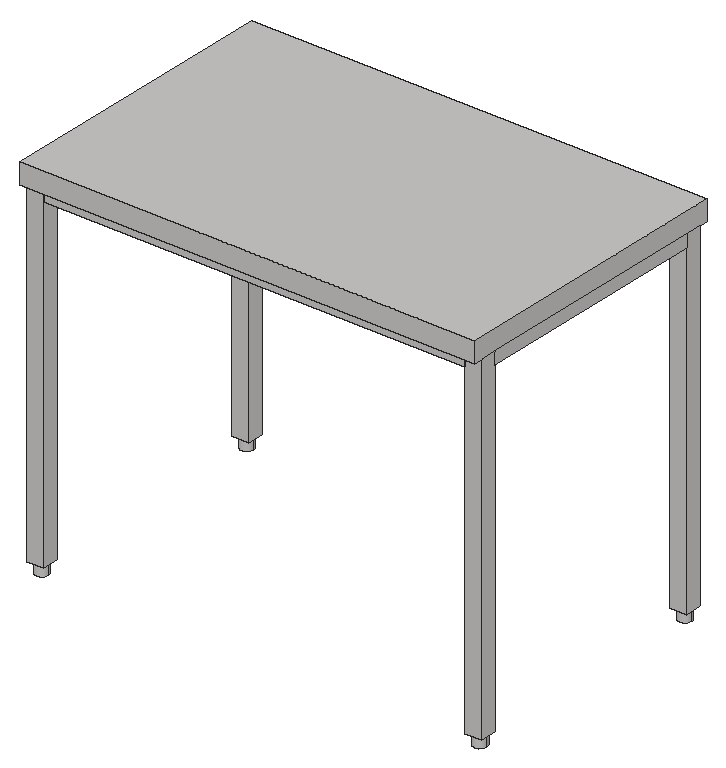
Revit family "QF_ELECTROLUXPROFESSIONAL_134001_GTG1100E", category Attrezzature speciali, Revit 2020
Family settings
  Quota connettore circolare = Usa diametro
  Tipo di parte = Normale
  Basato su piano di lavoro = No
  Sempre verticale = Sì
  Taglio con vuoti quando caricato = No
  Condiviso = No
  Punto di calcolo locali = No
Parameters (values of type "Standard")
  Weight = 33.50 kg
  Watts = 0 W
  Volts = 0 V
  URL Manufacturer = "https://www.electroluxprofessional.com/"
  URL = "https://www.electroluxprofessional.com/"
  Steam Supply Size = 0 mm
  Steam Supply Minimum Pressure = 0.0 Pa
  Steam Supply Maximum Pressure = 0.0 Pa
  Steam Consumption per Hour = 0
  Refrigeration Suction Line Size = 0.0 mm
  Refrigeration Liquid Line Size = 0.0 mm
  Refrigerant Compressor Remote = yes
  Prospetto di default = 0.0 mm
  Produttore = "Electrolux Professional"
  Phase = 0
  Modello = "GTG1100E"
  Length Actual = 1100.0 mm  # constant formula
  Item Number = "134001"
  Hot Water Size = 0 mm
  Height Actual = 900.0 mm  # constant formula
  HP = "0 HP"
  Gas Size = 0 mm
  Gas KW = 0
  Gas Input Pressure = 0 W
  Direct Waste Size = 0 mm
  Descrizione = "WORK TABLE 1100 MM"
  Depth Actual = 700.0 mm  # constant formula
  Cycle = 0 Hz
  Condensate Return Size = 0 mm
  Compressed Air Volume = 0.0 L/s
  Compressed Air Size = 0 mm
  Compressed Air Pressure = 0.0 Pa
  Cold Water Size = 0 mm
  Accessory = yes
Reference planes
  plane 1 "Center (Front/Back)": y = 0
  plane 2: z = 0
  plane 3 "Center (Left/Right)": x = -50
  plane 4 "LEFT": x = -600
  plane 5 "RIGHT": x = 500
  plane 6 "BACK": y = 350
  plane 7 "FRONT": y = -350
  plane 8 "Base": z = 850
  plane 9 "TOP": z = 900
  plane 10: x = -580
  plane 11: x = 480
  plane 12: y = 310
  plane 13: y = -310
  plane 14 "TRAVERSI": z = 820
  plane 15: x = -560
  plane 16: x = 460
  plane 17: y = 290
  plane 18: y = -290
  plane 19: y = 330
  plane 20: y = -330
Forms (mm)
  Extrusion 1, solid, material "QF_Finishes_Stainless Steel"
    sketch origin (-50, 0, 0) x (0, 1, 0) y (0, 0, 1)
      loop
        line (-350, 850) -> (350, 850) -> (350, 900) -> (-350, 900) -> (-350, 850)
    from 550 to -550
  Extrusion 2, solid, material "QF_Finishes_Stainless Steel"
    sketch origin (0, 0, 820) x (0, 1, 0) y (-1, 0, 0)
      loop
        line (290, -460) -> (-290, -460) -> (-290, -500) -> (290, -500) -> (290, -460)
      loop
        line (290, 600) -> (-290, 600) -> (-290, 560) -> (290, 560) -> (290, 600)
    from 0 to 30
  Extrusion 3, solid, material "QF_Finishes_Stainless Steel"
    sketch origin (0, 0, 820) x (0, 1, 0) y (-1, 0, 0)
      loop
        line (330, -460) -> (330, 560) -> (290, 560) -> (290, -460) -> (330, -460)
      loop
        line (-290, 560) -> (-330, 560) -> (-330, -460) -> (-290, -460) -> (-290, 560)
    from 0 to 30
Lines and regions (mm)
  symbolic lines
    curve 1: line (500, 350, 900) -> (-600, 350, 900)
    curve 2: line (-600, 350, 900) -> (-600, -350, 900)
    curve 3: line (-600, -350, 900) -> (500, -350, 900)
    curve 4: line (500, -350, 900) -> (500, 350, 900)
Dimensions and locks
  plane 4 "LEFT" to plane 5 "RIGHT" = 1100.0 mm
  equal spacing: plane 4 "LEFT", plane 3 "Center (Left/Right)", plane 5 "RIGHT"
  locked: plane 8 "Base" to level at 850
  plane 4 "LEFT" to plane 10 = 20.0 mm
  plane 11 to plane 5 "RIGHT" = 20.0 mm
  plane 10 to plane 11 = 1060.0 mm
  locked: plane 9 "TOP" to level at 900
  plane 6 "BACK" to plane 12 = 40.0 mm
  plane 13 to plane 7 "FRONT" = 40.0 mm
  plane 6 "BACK" to plane 7 "FRONT" = 700.0 mm
  plane 12 to plane 13 = 620.0 mm
  equal spacing: plane 6 "BACK", plane 1 "Center (Front/Back)", plane 7 "FRONT"
  plane 8 "Base" to plane 14 "TRAVERSI" = 30.0 mm
  locked: plane 10 to plane 15 at 20
  locked: plane 16 to plane 11 at 20
  locked: plane 19 to plane 12 at 20
  locked: plane 12 to plane 17 at 20
  locked: plane 18 to plane 13 at 20
  locked: plane 13 to plane 20 at 20
  aligned and locked: level to plane 2
  aligned and locked: plane 10 to nested 1
  aligned and locked: nested 1 to plane 13
  aligned and locked: plane 11 to nested 2
  aligned and locked: nested 2 to plane 13
  aligned and locked: plane 11 to nested 4
  aligned and locked: nested 4 to plane 12
  aligned and locked: plane 10 to nested 3
  aligned and locked: nested 3 to plane 12
  aligned and locked: Extrusion 1 to plane 4 "LEFT"
  aligned and locked: plane 5 "RIGHT" to Extrusion 1
  aligned and locked: curve 2 to plane 4 "LEFT"
  aligned and locked: Extrusion 2 sketch curve to plane 5 "RIGHT"
  aligned and locked: Extrusion 2 sketch curve to plane 17  (x2)
  aligned and locked: plane 16 to Extrusion 2 sketch curve
  aligned and locked: plane 18 to Extrusion 2 sketch curve  (x2)
  aligned and locked: plane 4 "LEFT" to Extrusion 2 sketch curve
  aligned and locked: Extrusion 2 sketch curve to plane 15
  aligned and locked: plane 19 to Extrusion 3 sketch curve
  aligned and locked: Extrusion 3 sketch curve to plane 17
  aligned and locked: Extrusion 3 sketch curve to plane 18
  aligned and locked: plane 20 to Extrusion 3 sketch curve
  aligned and locked: Extrusion 3 sketch curve to plane 15
  aligned and locked: plane 15 to Extrusion 3 sketch curve
  aligned and locked: plane 16 to Extrusion 3 sketch curve
  aligned and locked: Extrusion 3 sketch curve to plane 16
Automatic sketch dimensions
  Extrusion 1 sketch curve to plane 7 "FRONT" = 0.0 mm
  Extrusion 1 sketch curve to plane 8 "Base" = 0.0 mm
  curve 3 to plane 7 "FRONT" = 0.0 mm
  curve 4 to plane 6 "BACK" = 0.0 mm
  Extrusion 1 sketch curve to plane 9 "TOP" = 0.0 mm
  Extrusion 1 sketch curve to plane 6 "BACK" = 0.0 mm
  curve 4 to plane 5 "RIGHT" = 0.0 mm
Nested families
  nested 1: "FEET_40x40_R" at (-580, -310, 0), type "FEET_40x40_R"
  nested 2: "FEET_40x40_R" at (480, -310, 0), type "FEET_40x40_R"
  nested 3: "FEET_40x40_R" at (-580, 310, 0), type "FEET_40x40_R"
  nested 4: "FEET_40x40_R" at (480, 310, 0), type "FEET_40x40_R"
Definition of nested family "FEET_40x40_R"
  Parameters
    Default Elevation = 0.0 mm
    FEET = 850.0 mm
  Reference planes
    plane 1 "Center (Front/Back)": y = 0
    plane 2: z = 0
    plane 3 "Center (Left/Right)": x = 0
    plane 4: z = 850
  Forms (mm)
    Extrusion 1, solid
      sketch origin (0, 0, 0) x (1, 0, 0) y (0, 1, 0)
        loop
          line (-20, -20) -> (20, -20) -> (20, 20) -> (-20, 20) -> (-20, -20)
      from 25 to 850
    Extrusion 2, solid
      sketch origin (0, 0, 0) x (1, 0, 0) y (0, 1, 0)
        loop
          circle (0, 0) r 16
      from 0 to 25
  Lines and regions (mm)
    symbolic lines
      curve 1: line (0, -1.503, 0) -> (0, 1.508, 0)
      curve 2: line (1.561, 0, 0) -> (-1.439, 0, 0)
  Dimensions and locks
    "FEET": plane 4 to plane 2
    aligned and locked: level to plane 2
  Automatic sketch dimensions
    Extrusion 1 sketch curve to plane 3 "Center (Left/Right)" = 20.0 mm
    plane 3 "Center (Left/Right)" to Extrusion 1 sketch curve = 20.0 mm
    plane 1 "Center (Front/Back)" to Extrusion 1 sketch curve = 20.0 mm
    Extrusion 1 sketch curve to plane 1 "Center (Front/Back)" = 20.0 mm
    plane 1 "Center (Front/Back)" to Extrusion 2 sketch curve = 0.0 mm
    Extrusion 2 sketch curve to plane 3 "Center (Left/Right)" = 0.0 mm
    plane 1 "Center (Front/Back)" to curve 2 = 0.0 mm
    curve 1 to plane 3 "Center (Left/Right)" = 0.0 mm
    curve 2 to plane 3 "Center (Left/Right)" = 1.439 mm
    plane 3 "Center (Left/Right)" to curve 2 = 1.561 mm
    plane 1 "Center (Front/Back)" to curve 1 = 1.503 mm
    curve 1 to plane 1 "Center (Front/Back)" = 1.508 mm
    radius of Extrusion 2 sketch curve = 16.0 mm
